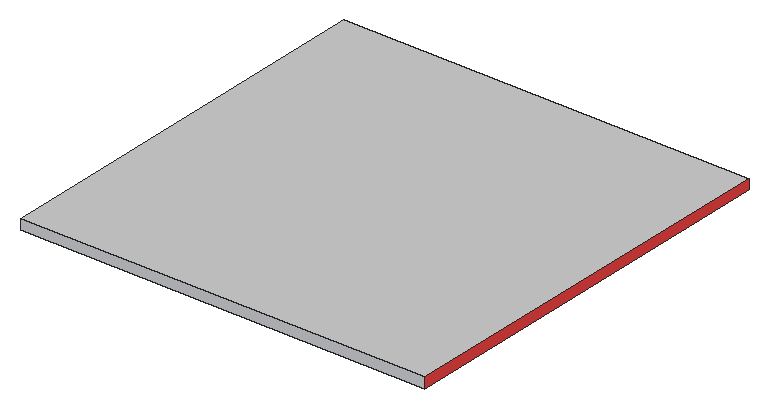
Revit family "GRIFO DUCHA KILY sin accesorios de ducha", category Aparatos sanitarios, Revit 2015
Parameters (values of type "4953500")
  URL = "http://www.griferiasgalindo.com/ducha/kily/grifo-ducha-kily?c=es"
  Teléfono = "(+34) 915 782 575"
  TIPO DE AGUA = "Fria/Caliente"
  REFERENCIA = "4953500"
  Presión Máxima = ""
  PESO BRUTO = ""
  Modelo = "KILY"
  Material = LATON CROMADO
  Imagen de tipo = <Ninguno>
  Fabricante = "PRESTO IBÉRICA"
  Default Elevation = 1219.2 mm
  ENTRADA = "Entrada Hembra 3/4\" a 1/2'' con excéntrica y embellecedor."
  Descripción = "Grifo monomando de ducha Kily. Colección de líneas refinadas y elegantes que se adaptan a todo tipo de ambientes. Su original maneta de forma ondulada destaca en inclinación del escultural diseño del cuerpo del grifo. Una grifería que decora el espacio de baño con personalidad siendo piezas prácticas y ergonómicas muy confortables con el toque de distinción perfecto."
  Código de montaje = "C1030220"
  Contacto = "info@prestoiberica.com"
  Conexión AF = yes
  Conexión AC = yes
  Comentarios de tipo = "◦Grifo monomando ducha\r\n◦Acabado Cromo\r\n◦Aireador oculto\r\n◦Sin accesorios de ducha\r\n◦Cartucho con discos cerámicos de diámetro 35 mm\r\n◦Entrada Hembra 3/4\" a 1/2'' con excéntrica y embellecedor"
  CIERRE = ""
  CAUDAL = "25,2 l/min a 3 bar"
  Accionamiento = "Por maneta"
Reference planes
  plane 1 "Centro (Frontal/Posterior)": y = 0
  plane 2: z = 0
  plane 3 "Centro (Izquierda/Derecha)": x = 0
Forms (mm)
  Extrusion 1, solid
    sketch origin (0, 0, 0) x (1, 0, 0) y (0, 1, 0)
      loop
        line (-100, 100) -> (-100, -100) -> (100, -100) -> (100, 100) -> (-100, 100)
    from 0 to -5
Dimensions and locks
  Extrusion 1 sketch curve to plane 1 "Centro (Frontal/Posterior)" = 100 mm
  aligned and locked: plane 2 to Extrusion 1
  aligned and locked: level to Extrusion 1
Connectors
  piping at (-75.941, 12.275, -16.9), diameter 12.7
    settings: on import instance, index 1, connector inside diameter 609.6 mm, connector length 0 mm, flow factor 0, pipe flow 0.0 L/s, pressure drop 0.0 Pa, fitting loss kfactor 0, connector angle 0.00°, fixture units 0, engagement length 0 mm, angle of deflection 0.00°, flow configuration 0, flow direction 1, fitting loss method 0, system type 19, joint type 0, gender type 0, connector reference index -1, connector utility 0, adjustable connector no, is connector primary yes, connector description ""
  piping at (73.759, 12.275, -16.9), diameter 12.7
    settings: on import instance, index 2, connector inside diameter 609.6 mm, connector length 0 mm, flow factor 0, pipe flow 0.0 L/s, pressure drop 0.0 Pa, fitting loss kfactor 0, connector angle 0.00°, fixture units 0, engagement length 0 mm, angle of deflection 0.00°, flow configuration 0, flow direction 1, fitting loss method 0, system type 20, joint type 0, gender type 0, connector reference index -1, connector utility 0, adjustable connector no, is connector primary no, connector description ""
